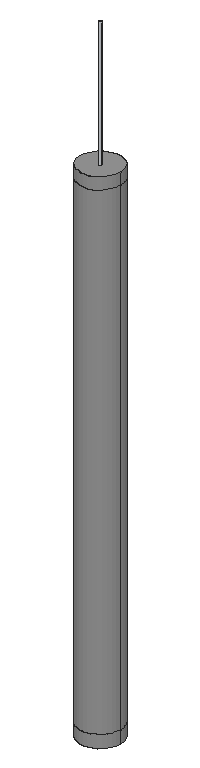
Revit family "LIBRETA_4000K_4400LM_40W_1000MM", category Lighting Fixtures, host Ceiling, Revit 2021
Family settings
  Host = Ceiling
  Round Connector Dimension = Use Diameter
  Part Type = Normal
  OmniClass Number = 23.80.70.11
  OmniClass Title = Luminaries for Internal Lighting
  Always vertical = Yes
  Cut with Voids When Loaded = No
  Light Source = Yes
  Shared = No
  Room Calculation Point = No
Parameters (values of type "Type 1")
  Wattage = 29.6213 W
  built-in parameter 1150110 = 1 (stored number, unit not read)
  Type de lampe = "LED Epistar 2835"
  Type = "Suspension tubulaire"
  built-in parameter 1114217 = 1 (stored number, unit not read)
  Tilt Angle = 90.00°
  built-in parameter 1150109 = 1 (stored number, unit not read)
  built-in parameter 1150134 = 12
  built-in parameter 1150113 = 1 (stored number, unit not read)
  SDCM = "<4"
  Puissance nominale = "40W"
  Photometric Web File = "google_eulumdat_converter (11).ies"
  Matériau = "PMMA et embouts en aluminium"
  Maintien du flux = "L80B10 (50 000 heures)"
  Lumens = 4400 lm
  built-in parameter 1150115 = 1 (stored number, unit not read)
  built-in parameter 1150105 = 350.14 (stored number, unit not read)
  built-in parameter 1150137 = (empty or 0)
  built-in parameter 1150139 = (empty or 0)
  built-in parameter 1150112 = 1 (stored number, unit not read)
  built-in parameter 1150114 = 1 (stored number, unit not read)
  built-in parameter 1150132 = 2
  built-in parameter 1150102 = (empty or 0)
  built-in parameter 1150138 = (empty or 0)
  built-in parameter 1150107 = 4000 (stored number, unit not read)
  built-in parameter 1150106 = 3.5014 (stored number, unit not read)
  IRC = ">80"
  built-in parameter 1150104 = 13.8 (stored number, unit not read)
  Durée de vie = "50 000 heures"
  Driver = "Driver Lifud"
  Dimming Lamp Color Temperature Shift = <None>
  Dimensions = "ø 80 mm; H : 1000 mm"
  Diffuseur = "Opale"
  Default Elevation = 0 mm
  Color Filter = 16777215
  built-in parameter 1114218 = 1 (stored number, unit not read)
  built-in parameter 1150133 = 10 (stored number, unit not read)
  Angle d'éclairage = "360°"
  Alimentation luminaire = "...mA / .....V"
  Alimentation Driver = "AC 200-240V"
Reference planes
  plane 1 "Light Source Axis (F/B)": y = 0
  plane 2: z = 0
  plane 3 "Light Source Axis (L/R)": x = 0
  plane 4 "Ceiling": z = 4000
  plane 5 "Light Source Elevation": z = 3580.854
Forms (mm)
  Extrusion 1, solid, material "Glass, White, High Luminance"
    sketch origin (0, 0, 4000) x (0, 1, 0) y (-1, 0, 0)
      loop
        circle (0, 0) r 40
    from -272.662 to -1225.45
  Extrusion 2, solid, material "Aluminum"
    sketch origin (0, 0, 4000) x (0, 1, 0) y (-1, 0, 0)
      loop
        circle (0, 0) r 40
    from -272.662 to -250
  Extrusion 3, solid, material "Aluminum"
    sketch origin (0.02, 0, 3020) x (0, 1, 0) y (-1, 0, 0)
      loop
        circle (0, 0) r 40
    from -270 to -245.45
  Extrusion 4, solid
    sketch origin (0, 0, 4000) x (0, 1, 0) y (-1, 0, 0)
      loop
        circle (0, 0) r 2.729
    from -250 to 0
Lines and regions (mm)
  reference lines
    curve 1: line (0, 0, 3750) -> (0, 0, 3150)
    curve 2: line (0, 0, 3750) -> (0, 0, 2850)
    curve 3: line (0, 0, 2850) -> (-20, 0, 2850)
    curve 4: line (0, 0, 3750) -> (0, 0, 2750)
    curve 5: line (0, 0, 2750) -> (-20, 0, 2750)
Dimensions and locks
  equal spacing: host sketch curve, plane 3 "Light Source Axis (L/R)", host sketch curve
  equal spacing: host sketch curve, plane 1 "Light Source Axis (F/B)", host sketch curve
  host sketch curve to host sketch curve = 4000 mm  (x2)
  plane 4 "Ceiling" to host ceiling = 0 mm
  aligned and locked: plane 1 "Light Source Axis (F/B)" to imposter light
  aligned and locked: plane 5 "Light Source Elevation" to imposter light
